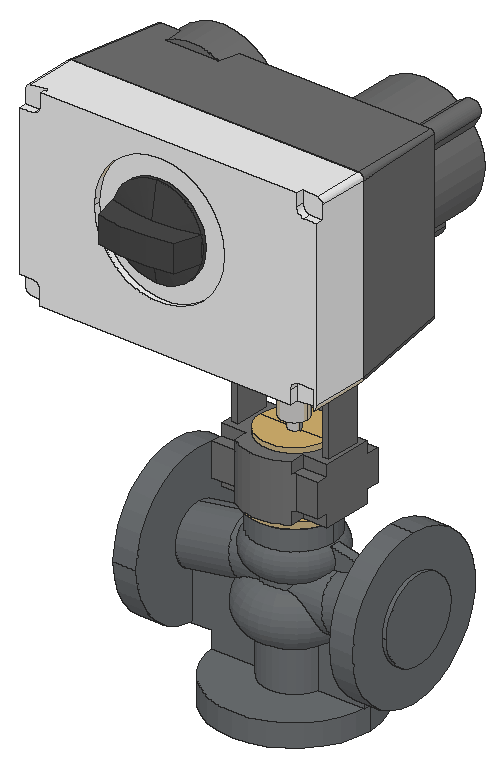
Revit family "VL3_DN15-DN100_AMV(E) 438 SU_RFA_1", category Pipe Accessories, Revit 2019
Family settings
  Round Connector Dimension = Use Diameter
  Part Type = Valve - Breaks Into
  OmniClass Number = 23.65.55.14.17
  OmniClass Title = Adjusting/Controlling Valves for Liquid Services
  Work Plane-Based = No
  Always vertical = Yes
  Cut with Voids When Loaded = No
  Shared = No
Parameters (values of type "VL3_DN15_Kvs0.63_065Z0351")
  W = if(D > 32 mm, D_Flange, 137.6 mm)  # 137.6 mm
  Voltage = if(Actuator Type = [082H0123], 230 V, 24 V)  # 24 V
  V100_LOD 200 = if(and(LOD 200, D > 80 mm), 1 = 1, 1 = 0)  # no
  Power = if(Actuator Type = [082H0121], 14 VA, 12 VA)  # 12 VA
  Nominal Pressure = "PN 6"  # constant formula
  L_Top = 3 mm
  V_SMALL LOD 200 = if(and(LOD 200, D < 100 mm), 1 = 1, 1 = 0)  # no
  LV2 = 8.5 mm
  LV1 = 40 mm
  LE_100 = 30 mm
  L_EXT = 80 mm
  L = L2 * 2  # 130 mm
  HR = 27 mm
  Weight = 1.93 kg
  W2 = 16 mm
  Valve Body Material = Danfoss Grey Iron
  V_SMALL = if(and(LOD 350, D < 100 mm), 1 = 1, 1 = 0)  # yes
  V100 = if(and(LOD 350, D > 80 mm), 1 = 1, 1 = 0)  # no
  URL = "https://store.danfoss.com/en/Climate-Solutions-for-heating/Motorised-Control-Valves-/Globe-Valves/Valves-for-Heating-and-Cooling/c/4105?q=%3Arelevance%3Adanfoss_a50461501115_fts%3ATA1_1501116%3Adanfoss_a1015338478.nominal%3A15.0%3Adanfoss_a1015338478.nominal%3A20.0%3Adanfoss_a1015338478.nominal%3A25.0%3Adanfoss_a1015338478.nominal%3A32.0%3Adanfoss_a1015338478.nominal%3A40.0%3Adanfoss_a1015338478.nominal%3A65.0%3Adanfoss_a1015338478.nominal%3A80.0%3Adanfoss_a1015338478.nominal%3A100.0%3Adanfoss_producttypehierarchydesc%3A54c7635ff281d3845777d277c0688f3bbedce013&page=0&pageSize=20"
  Stroke = "10 mm"
  R_arc = 30 mm
  R_Top = 12.5 mm
  R3_2 = 21.5 mm
  R3 = 19 mm
  R_Flow Pipe = 15 mm
  R_Flange Bottom = 40 mm
  R2_Revolve = 6 mm
  R1_Revolve = 9 mm
  R1_2 = 12.5 mm
  R1_1_1 = 15.5 mm
  R1_1 = 16 mm
  R1 = 20.5 mm
  Pressure Drop [instance] = 0.0 bar
  Offset Flow Pipe_1 = 5 mm
  Offset Flow Pipe_2 = 5 mm
  Model Type = "VL3_DN15_Kvs0.63"
  Model = "065Z0351"
  Min Medium Temperature = "2 °C"  # constant formula
  Max Medium Temperature = "120 °C"  # constant formula
  Manufacturer = "Danfoss"  # constant formula
  L_S = 48 mm
  LOD 350 = not(LOD 200)  # yes
  LOD 200 = no
  L2 = 65 mm
  Kvs = 0.63 m³/h
  IfcExportType = "VL3"  # constant formula
  IfcExportAs = "IfcValveType"  # constant formula
  HR1 = 23 mm
  TH1 = HH1 + 10 mm  # 95 mm
  HH1 = 85 mm
  HE_100 = 0 mm
  HE1_100 = 3 mm
  HE1 = 54 mm
  HE = 0 mm
  HB3 = 2.5 mm
  HB2__ve = -HB2  # -8.5 mm
  HB2 = 8.5 mm
  HB1__ve = -HB1  # -30 mm
  HB1 = 30 mm
  H1 = 31 mm
  H [instance] = 278.7 mm
  Flow [instance] = 0.0 m³/h
  Flange Bottom Depth = 12 mm
  EXT3 = 20 mm
  D_Connection End = 42 mm
  D_Flange = 80 mm
  Extrusion Top 2 = 5 mm
  Extrusion Top = 21 mm
  Extrusion Bottom = 48.5 mm
  EXT2 = -50 mm
  Description = "Motorized Control Valve"  # constant formula
  R_Vertical Body = 16 mm
  DN15 to DN50 = if(and(D > 10 mm, D < 65 mm), 1 = 1, 1 = 0)  # yes
  D = 15 mm
  Connection = "Flange"  # constant formula
  L1_ve = -L1  # -2.5 mm
  Depth_Flange_ve = -Depth_Flange  # -12 mm
  Depth_Flange = 12 mm
  L1 = 2.5 mm
  HH2 = 63 mm
  Arc_100 = 10 mm
  Adapter assembly = 1.5 mm
  Adapter Type = Adapter_AMV(E)_RFA : Adapter_AMV(E) 15(25)(35)_DN15-50_065Z0311
  Actuator Type = AMV(E) 438 SU_RFA : AMV 438 SU_24V_082H0122
  A2_Flow Pipe = 166.00°
  A2 = 47.1206°
  A3 = 13.00°
  A1_Flow Pipe = 170.00°
  A1 = 3 mm
  082H0123 = AMV(E) 438 SU_RFA : AMV 438 SU_230V_082H0123
  082H0121 = AMV(E) 438 SU_RFA : AME 438 SU_24V_082H0121
Reference planes
  plane 1 "Center (Front/Back)": y = 0
  plane 2 "XYPLANE": z = 0
  plane 3 "Center (Left/Right)": x = 0
  plane 4 "110": z = -30
  plane 5 "109": z = -63
  plane 6 "108": x = -62.5
  plane 7 "107": x = 65
  plane 8 "106": x = -65
  plane 9 "105": y = 0
  plane 10 "104": z = 0
  plane 11 "103": x = 0
  plane 12 "101": z = 85
  plane 13 "1": x = 62.5
  plane 14 "X1": z = 31
  plane 15 "X2": z = 31
  plane 16 "3": z = 54
  plane 17 "4": z = -60.5
  plane 18: z = 81.5
  plane 19: z = 79.5
  plane 20: x = 3
  plane 21: z = -48.5
  plane 22: z = -45.5
  plane 23: z = 21
  plane 24 "y1": x = 17.5
  plane 25: z = 5
  plane 26: x = 48
  plane 27: x = -16
  plane 28: x = -17.5
  plane 29: x = 15
  plane 30: x = -15
  plane 31: x = -55
  plane 32: x = 55
  plane 33: y = -15
  plane 34: y = 15
  plane 35: y = 55
  plane 36: y = -55
  plane 37: x = -40
  plane 38: x = 40
  plane 39: z = -40
  plane 40: y = 40
  plane 41: y = -40
  plane 42: z = 32.5
Forms (mm)
  Extrusion 1, solid, material "Danfoss Grey Iron" <- "Valve Body Material", detail levels fine
    sketch origin (0, 0, 0) x (1, 0, 0) y (0, 1, 0)
      loop
        circle (0, 0) r 16
    from -22.1 to -50 <- "EXT2"
  Extrusion 2, solid, material "Danfoss Grey Iron" <- "Valve Body Material", detail levels fine
    sketch origin (-65, -750, 0) x (0, 1, 0) y (0, 0, 1)
      loop
        circle (750, 0) r 21
    from 0 to 2.5 <- "L1"
  Extrusion 3, solid, material "Danfoss Grey Iron" <- "Valve Body Material", detail levels fine
    sketch origin (65, -750, 0) x (0, 1, 0) y (0, 0, 1)
      loop
        circle (750, 0) r 21
    from 0 to -2.5 <- "L1_ve"
  Extrusion 4, solid, material "Danfoss Grey Iron" <- "Valve Body Material", visible <- "V_SMALL", detail levels fine
    sketch origin (0, 0, 0) x (1, 0, 0) y (0, 1, 0)
      loop
        circle (0, 0) r 20.5
      loop
        circle (0, 0) r 16
    from 20 <- "EXT3" to 31 <- "H1"
  Extrusion 5, solid, not visible
    sketch origin (-750, 0, -63) x (1, 0, 0) y (0, 1, 0)
      loop
        circle (750, 0) r 10
    from 0 to 10
  Extrusion 6, solid, not visible
    sketch origin (65, -750, 0) x (0, 1, 0) y (0, 0, 1)
      loop
        circle (750, 0) r 10
    from 0 to -10
  Extrusion 7, solid, not visible
    sketch origin (-65, -750, 0) x (0, 1, 0) y (0, 0, 1)
      loop
        circle (750, 0) r 10
    from 0 to 10
  Extrusion 8, solid, material "Danfoss Grey Iron" <- "Valve Body Material", detail levels fine
    sketch origin (-62.5, -750, 0) x (0, 1, 0) y (0, 0, 1)
      loop
        circle (750, 0) r 40
    from 0 to 12 <- "Depth_Flange"
  Extrusion 9, solid, material "Danfoss Grey Iron" <- "Valve Body Material", detail levels fine
    sketch origin (62.5, 0, 0) x (0, 0, 1) y (0, -1, 0)
      loop
        circle (0, 0) r 40
    from 0 to -12 <- "Depth_Flange_ve"
  Extrusion 10, solid, material "Danfoss Brass", visible <- "LOD 350", detail levels fine
    sketch origin (0, 0, 84) x (-1, 0, 0) y (0, -1, 0)
      loop
        circle (0, 0) r 12.5
    from -63 to -53
  Extrusion 11, solid, material "Danfoss Brass", visible <- "LOD 350", detail levels fine
    sketch origin (0, 0, 31) x (-1, 0, 0) y (0, -1, 0)
      loop
        circle (0, 0) r 15.5
    from 0 to -10
  Extrusion 12, solid, material "Danfoss Grey Iron" <- "Valve Body Material", visible <- "LOD 350", detail levels fine
    sketch origin (0, 0, 0) x (1, 0, 0) y (0, 0, 1)
      loop
        line (-50.5, -45.5) -> (-47.714, -48.5) -> (47.714, -48.5) -> (50.5, -45.5) -> (50.5, 0) -> (-50.5, 0) -> (-50.5, -45.5)
    from -4 to 4
  Extrusion 13, solid, material "Danfoss Grey Iron" <- "Valve Body Material", detail levels fine
    sketch origin (0, 0, -60.5) x (-1, 0, 0) y (0, -1, 0)
      loop
        circle (0, 0) r 40
    from 0 to 12 <- "Flange Bottom Depth"
  Revolve 14, solid, material "Danfoss Grey Iron" <- "Valve Body Material", visible <- "V_SMALL LOD 200", detail levels fine
    sketch origin (0, 0, 0) x (1, 0, 0) y (0, 0, 1)
      loop
        line (0, 30) -> (0, -30)
        arc (0, -30) -> (21.213, -21.213) -> (30, 0) r 30
        arc (30, 0) -> (21.213, 21.213) -> (0, 30) r 30
      axis (0, 30) -> (0, -30)
    angle from 0 to 360
  Revolve 15, solid, material "Danfoss Stainless Steel AISI 304 / AISI 316L", detail levels fine
    sketch origin (0, 0, 0) x (1, 0, 0) y (0, 0, 1)
      loop
        line (0, 54) -> (3, 54) -> (3, 79.5) -> (2, 79.5) -> (2, 81.5) -> (3, 81.5) -> (3, 82.495) -> (1.246, 85) -> (0, 85) -> (0, 54)
      axis (0, 85) -> (0, 54)
    angle from 0 to 360
  Blend 16, solid, material "Danfoss Grey Iron" <- "Valve Body Material", detail levels fine
    base sketch origin (-750, 0, -63) x (1, 0, 0) y (0, 1, 0)
      loop
        circle (750, 0) r 19
    top sketch origin (-750, 0, -63) x (1, 0, 0) y (0, 1, 0)
      loop
        circle (750, 0) r 21.5
    from 0 to 2.5 <- "HB3"
  Sweep 17, solid, material "Danfoss Grey Iron" <- "Valve Body Material", detail levels fine
    path origin (0, 0, 0) x (1, 0, 0) y (0, 0, 1)
      loop
        line (-65, 0) -> (-50.5, 0) -> (-22.144, 5) -> (0, 5)
    profile origin (-57.75, 0, 0) x (0, 0, 1) y (0, -1, 0)
      loop
        circle (0, 0) r 15
  Sweep 18, solid, material "Danfoss Grey Iron" <- "Valve Body Material", detail levels fine
    path origin (0, 0, 0) x (1, 0, 0) y (0, 0, 1)
      loop
        line (64.52, 0) -> (46.406, 0) -> (26.352, -5) -> (0, -5)
    profile origin (55.463, 0, 0) x (0, 0, -1) y (0, -1, 0)
      loop
        circle (0, 0) r 15
  Extrusion 19, solid, material "Danfoss Brass", visible <- "LOD 350", detail levels fine
    sketch origin (0, 0, 31) x (-1, 0, 0) y (0, -1, 0)
      loop
        circle (0, 0) r 12.5
    from 0 to 23
  Extrusion 20, solid, material "Danfoss Grey Iron" <- "Valve Body Material", visible <- "LOD 350", detail levels fine
    sketch origin (0, 0, 0) x (1, 0, 0) y (0, 0, 1)
      loop
        line (17.5, 5) -> (50.5, 5) -> (50.5, 13.381) -> (17.5, 21) -> (17.5, 5)
    from -2.5 to 2.5
  Extrusion 21, solid, material "Danfoss Brass", visible <- "LOD 200", detail levels fine
    sketch origin (0, 0, 31) x (-1, 0, 0) y (0, -1, 0)
      loop
        circle (0, 0) r 12.5
    from 0 to 23
  Extrusion 22, solid, material "Danfoss Grey Iron" <- "Valve Body Material", visible <- "LOD 200", detail levels fine
    sketch origin (0, 0, 0) x (1, 0, 0) y (0, 1, 0)
      loop
        circle (0, 0) r 20.5
    from 0 to 31
  Revolve 23, solid, material "Danfoss Grey Iron" <- "Valve Body Material", visible <- "V_SMALL", detail levels fine
    sketch origin (0, 0, 0) x (1, 0, 0) y (0, 0, 1)
      loop
        line (0, -27) -> (0, 23) -> (-17.5, 23)
        arc (-17.5, 23) -> (-23.469, 12.664) -> (-16, 3.354) r 10.57
        line (-16, 3.354) -> (-16, 0)
        arc (-16, 0) -> (-26.5, -13.5) -> (-16, -27) r 13.929
        line (-16, -27) -> (0, -27)
      axis (0, 23) -> (0, -27)
    angle from 0 to 360
  Extrusion 24, solid, material "Danfoss Grey Iron" <- "Valve Body Material", visible <- "V100", detail levels fine
    sketch origin (0, 0, 0) x (1, 0, 0) y (0, 1, 0)
      loop
        arc (-5, 15) -> (-12.071, 12.071) -> (-15, 5) r 10
        line (-15, 5) -> (-15, -5)
        arc (-15, -5) -> (-12.071, -12.071) -> (-5, -15) r 10
        line (-5, -15) -> (55, -15)
        arc (55, -15) -> (62.071, -12.071) -> (65, -5) r 10
        line (65, -5) -> (65, 5)
        arc (65, 5) -> (62.071, 12.071) -> (55, 15) r 10
        line (55, 15) -> (-5, 15)
    from 0 <- "HE_100" to 3 <- "HE1_100"
  Extrusion 25, void
    sketch origin (0, 0, 0) x (1, 0, 0) y (0, 0, 1)
      loop
        line (-90, -40) -> (-90, -60.5) -> (-40, -60.5) -> (-40, -40) -> (-90, -40)
    from -80 to 91
  Extrusion 26, void
    sketch origin (0, 0, 0) x (1, 0, 0) y (0, 0, 1)
      loop
        line (40, -40) -> (40, -60.5) -> (90, -60.5) -> (90, -40) -> (40, -40)
    from -80 to 91
  Extrusion 27, solid, material "Danfoss Grey Iron" <- "Valve Body Material", visible <- "V100_LOD 200", detail levels fine
    sketch origin (0, 0, 0) x (1, 0, 0) y (0, 1, 0)
      loop
        line (-15, 15) -> (-15, -15) -> (15, -15) -> (15, 15) -> (-15, 15)
    from 0 <- "HE_100" to 3 <- "HE1_100"
Cuts and joins
  Extrusion 25, Extrusion 26 cuts Extrusion 12
Lines and regions (mm)
  reference lines, not visible
    curve 1: circle (2, 2, 0) r 1 normal (0, 0, 1)
Dimensions and locks
  plane 1 "Center (Front/Back)" to curve 1 = 2 mm
  "HB1": plane 2 "XYPLANE" to plane 4 "110"
  "HH2": plane 2 "XYPLANE" to plane 5 "109"
  "L1": plane 8 "106" to plane 6 "108"
  "L2": plane 3 "Center (Left/Right)" to plane 7 "107"
  "L2": plane 3 "Center (Left/Right)" to plane 8 "106"
  locked: plane 1 "Center (Front/Back)" to plane 9 "105"
  locked: plane 2 "XYPLANE" to plane 10 "104"
  locked: plane 3 "Center (Left/Right)" to plane 11 "103"
  "L1": plane 13 "1" to plane 7 "107"
  "H1": plane 14 "X1" to level
  "HE": plane 15 "X2" to plane 14 "X1"
  "HH1": plane 12 "101" to level
  "HE1": plane 16 "3" to level
  plane 18 to plane 19 = 2 mm
  plane 12 "101" to plane 18 = 3.5 mm
  plane 20 to plane 11 "103" = 3 mm
  Revolve 15 sketch curve to Revolve 15 sketch curve = 1 mm  (x2)
  Revolve 15 sketch curve to Revolve 15 sketch curve = 0.995 mm
  "HB3": plane 17 "4" to plane 5 "109"
  "Offset Flow Pipe_1": Sweep 17 sketch curve to Sweep 17 sketch curve
  plane 7 "107" to plane 8 "106" = 130 mm
  "Extrusion Bottom": level to plane 21
  "A1": plane 22 to plane 21
  Extrusion 12 sketch curve to plane 21 = 0 mm  (x2)
  Extrusion 12 sketch curve to plane 22 = 0 mm
  "Offset Flow Pipe_2": Extrusion 12 to Sweep 18 sketch curve
  Sweep 18 sketch curve to Sweep 18 sketch curve = 26.352 mm
  "Extrusion Top": plane 23 to level
  "Extrusion Top 2": plane 25 to level
  Extrusion 20 sketch curve to plane 23 = 0 mm
  "L_S": plane 26 to plane 3 "Center (Left/Right)"
  "W2": plane 3 "Center (Left/Right)" to plane 27
  Revolve 23 sketch curve to Revolve 23 sketch curve = 3.354 mm
  "R1_Revolve": plane 28 to Revolve 23 sketch curve
  "R2_Revolve": plane 28 to Revolve 23 sketch curve
  "HR": level to Revolve 23 sketch curve
  "HR1": Revolve 23 sketch curve to level
  "L_Top": plane 20 to plane 11 "103"
  "LE_100": plane 30 to plane 29
  equal spacing: plane 30, plane 11 "103", plane 29
  "LE_100": plane 33 to plane 34
  equal spacing: plane 33, plane 9 "105", plane 34
  "L_EXT": plane 24 "y1" to plane 6 "108"
  "H": nested 2 to plane 5 "109"
  "LV1": plane 3 "Center (Left/Right)" to plane 37
  "LV1": plane 38 to plane 3 "Center (Left/Right)"
  "LV2": plane 39 to plane 21
  Extrusion 25 sketch curve to Extrusion 25 sketch curve = 50 mm
  Extrusion 26 sketch curve to Extrusion 26 sketch curve = 50 mm
  "LE_100": Extrusion 27 sketch curve to Extrusion 27 sketch curve  (x2)
  equal spacing: Extrusion 27 sketch curve, plane 11 "103", Extrusion 27 sketch curve
  equal spacing: Extrusion 27 sketch curve, plane 9 "105", Extrusion 27 sketch curve
  equal spacing: plane 40, plane 1 "Center (Front/Back)", plane 41
  "D_Flange": plane 40 to plane 41
  "Adapter assembly": plane 42 to plane 15 "X2"
  locked: nested 2 to plane 42 at 3.2
  "R_Vertical Body": radius of Extrusion 1 sketch curve
  "D_Connection End": diameter of Extrusion 2 sketch curve
  "D_Connection End": diameter of Extrusion 3 sketch curve
  "R1": radius of Extrusion 4 sketch curve
  "D_Flange": diameter of Extrusion 8 sketch curve
  "R1_1": radius of Extrusion 4 sketch curve
  "R1_2": radius of Extrusion 10 sketch curve
  "R1_1_1": radius of Extrusion 11 sketch curve
  "R_Flange Bottom": radius of Extrusion 13 sketch curve
  "R_arc": radius of Revolve 14 sketch curve  (x2)
  "R3": radius of Blend 16 sketch curve
  "R3_2": radius of Blend 16 sketch curve
  "D_Flange": diameter of Extrusion 9 sketch curve
  "R_Flow Pipe": radius of Sweep 17 sketch curve
  "R_Flow Pipe": radius of Sweep 18 sketch curve
  "R_Top": radius of Extrusion 19 sketch curve
  "R_Top": radius of Extrusion 21 sketch curve
  "R1": radius of Extrusion 22 sketch curve
  "Arc_100": radius of Extrusion 24 sketch curve  (x4)
  "A1_Flow Pipe": angle Sweep 17 sketch curve to level
  "A3": angle Extrusion 20 sketch curve to plane 23
  "A2": angle Extrusion 12 sketch curve to plane 21
  "A2": angle plane 21 to Extrusion 12 sketch curve
  "A2_Flow Pipe": angle Sweep 18 sketch curve to level
  aligned and locked: level to plane 2 "XYPLANE"
  aligned and locked: plane 9 "105" to Extrusion 1 sketch curve
  aligned and locked: plane 11 "103" to Extrusion 1 sketch curve
  aligned and locked: Extrusion 2 sketch curve to plane 9 "105"
  aligned and locked: plane 10 "104" to Extrusion 2 sketch curve
  aligned and locked: Extrusion 3 sketch curve to plane 9 "105"
  aligned and locked: plane 10 "104" to Extrusion 3 sketch curve
  aligned and locked: plane 9 "105" to Extrusion 4 sketch curve
  aligned and locked: plane 11 "103" to Extrusion 4 sketch curve
  aligned and locked: plane 9 "105" to Extrusion 5 sketch curve
  aligned and locked: plane 11 "103" to Extrusion 5 sketch curve
  aligned and locked: Extrusion 6 sketch curve to plane 9 "105"
  aligned and locked: plane 10 "104" to Extrusion 6 sketch curve
  aligned and locked: Extrusion 7 sketch curve to plane 9 "105"
  aligned and locked: plane 10 "104" to Extrusion 7 sketch curve
  aligned and locked: plane 1 "Center (Front/Back)" to Extrusion 8 sketch curve
  aligned and locked: plane 1 "Center (Front/Back)" to Extrusion 9 sketch curve
  aligned and locked: plane 3 "Center (Left/Right)" to Extrusion 10 sketch curve
  aligned and locked: Extrusion 12 sketch curve to Extrusion 8
  aligned and locked: Extrusion 9 to Extrusion 12 sketch curve
  aligned and locked: Extrusion 12 sketch curve to level
  aligned and locked: plane 3 "Center (Left/Right)" to Extrusion 13 sketch curve
  aligned and locked: Revolve 14 sketch curve to plane 3 "Center (Left/Right)"
  aligned and locked: level to Revolve 14 sketch curve
  aligned and locked: Revolve 14 sketch curve to Revolve 14 sketch curve
  aligned and locked: Revolve 15 sketch curve to plane 16 "3"
  aligned and locked: Revolve 15 sketch curve to plane 11 "103"
  aligned and locked: Revolve 15 sketch curve to plane 20
  aligned and locked: Revolve 15 sketch curve to plane 19
  aligned and locked: Revolve 15 sketch curve to plane 12 "101"
  aligned and locked: plane 18 to Revolve 15 sketch curve
  aligned and locked: plane 16 "3" to Revolve 15 sketch curve
  aligned and locked: plane 12 "101" to Revolve 15 sketch curve
  aligned and locked: plane 3 "Center (Left/Right)" to Blend 16 sketch curve  (x2)
  aligned and locked: Sweep 17 sketch curve to plane 8 "106"
  aligned and locked: plane 1 "Center (Front/Back)" to Sweep 17 sketch curve
  aligned and locked: Sweep 17 sketch curve to plane 2 "XYPLANE"
  aligned and locked: Extrusion 8 to Sweep 17 sketch curve
  aligned and locked: plane 1 "Center (Front/Back)" to Sweep 18 sketch curve
  aligned and locked: plane 3 "Center (Left/Right)" to Sweep 17 sketch curve
  aligned and locked: plane 3 "Center (Left/Right)" to Sweep 18 sketch curve
  aligned and locked: plane 25 to Extrusion 20 sketch curve
  aligned and locked: plane 24 "y1" to Extrusion 20 sketch curve
  aligned and locked: Extrusion 9 to Extrusion 20 sketch curve
  aligned and locked: Extrusion 12 sketch curve to plane 21
  aligned and locked: plane 22 to Extrusion 12 sketch curve
  aligned and locked: plane 16 "3" to Extrusion 21
  aligned and locked: plane 15 "X2" to Extrusion 22
  aligned and locked: Extrusion 11 to plane 23
  aligned and locked: plane 28 to Revolve 23 sketch curve
  aligned and locked: Revolve 23 sketch curve to plane 27
  aligned and locked: plane 3 "Center (Left/Right)" to Revolve 23 sketch curve
  aligned and locked: level to Revolve 23 sketch curve
  aligned and locked: Extrusion 4 to Revolve 23 sketch curve
  aligned and locked: Revolve 23 sketch curve to plane 11 "103"
  aligned and locked: level to Sweep 18 sketch curve
  aligned and locked: plane 34 to Extrusion 24 sketch curve
  aligned and locked: Extrusion 24 sketch curve to plane 33
  aligned and locked: plane 30 to Extrusion 24 sketch curve
  aligned and locked: plane 3 "Center (Left/Right)" to nested 1
  aligned and locked: plane 16 "3" to Extrusion 19
  aligned and locked: Extrusion 25 sketch curve to plane 39
  aligned and locked: Extrusion 25 sketch curve to plane 37
  aligned and locked: Extrusion 25 sketch curve to plane 17 "4"
  aligned and locked: plane 15 "X2" to Extrusion 10
  aligned and locked: Extrusion 26 sketch curve to plane 39
  aligned and locked: Extrusion 26 sketch curve to plane 38
  aligned and locked: Extrusion 26 sketch curve to plane 17 "4"
  aligned and locked: Extrusion 10 to plane 23
  aligned and locked: nested 3 to plane 9 "105"
  aligned and locked: nested 2 to plane 9 "105"
  aligned and locked: plane 11 "103" to nested 3
  aligned and locked: nested 3 to plane 42
  aligned and locked: plane 11 "103" to nested 2
Automatic sketch dimensions
  plane 3 "Center (Left/Right)" to curve 1 = 2 mm
  plane 1 "Center (Front/Back)" to Extrusion 5 sketch curve = 10 mm
  plane 1 "Center (Front/Back)" to Extrusion 6 sketch curve = 10 mm
  plane 1 "Center (Front/Back)" to Extrusion 7 sketch curve = 10 mm
  Extrusion 4 sketch curve to Extrusion 4 sketch curve = 0 mm  (x2)
  Extrusion 8 sketch curve to level = 0 mm
  Extrusion 9 sketch curve to level = 0 mm
  plane 1 "Center (Front/Back)" to Extrusion 10 sketch curve = 0 mm
  plane 1 "Center (Front/Back)" to Extrusion 11 sketch curve = 0 mm
  Extrusion 11 sketch curve to plane 3 "Center (Left/Right)" = 0 mm
  plane 1 "Center (Front/Back)" to Extrusion 13 sketch curve = 0 mm
  Revolve 14 sketch curve to plane 4 "110" = 0 mm
  Revolve 14 sketch curve to plane 14 "X1" = 0 mm
  Revolve 15 sketch curve to plane 3 "Center (Left/Right)" = 0 mm
  plane 3 "Center (Left/Right)" to Revolve 15 sketch curve = 1.246 mm
  plane 1 "Center (Front/Back)" to Blend 16 sketch curve = 0 mm  (x2)
  profile plane to Sweep 17 sketch curve = 0 mm
  Sweep 18 sketch curve to plane 7 "107" = 0.48 mm
  Sweep 18 sketch curve to profile plane = 0 mm
  plane 1 "Center (Front/Back)" to Extrusion 19 sketch curve = 0 mm
  Extrusion 19 sketch curve to plane 3 "Center (Left/Right)" = 0 mm
  plane 1 "Center (Front/Back)" to Extrusion 21 sketch curve = 0 mm
  Extrusion 21 sketch curve to plane 3 "Center (Left/Right)" = 0 mm
  plane 1 "Center (Front/Back)" to Extrusion 22 sketch curve = 0 mm
  Extrusion 22 sketch curve to plane 3 "Center (Left/Right)" = 0 mm
  Revolve 23 sketch curve to plane 27 = 0 mm
  plane 39 to Revolve 23 sketch curve = 0.043 mm
  Extrusion 24 sketch curve to plane 32 = 0 mm
  radius of curve 1 = 1 mm
Nested families
  nested 1: "Schematic_3-Way Valve_Flange" at (0, 0, 0), type "Schematic_3-Way Valve_Flange", detail levels coarse+medium
    with L_1 43.333 mm, L1 8.125 mm, L 130 mm, H1 63 mm, H 85 mm, D1 40 mm
  nested 2: "AMV(E) 438 SU_RFA" at (0, 0, 35.7), LOD 200 <- "LOD 200", type <- "Actuator Type", Voltage <- "Voltage", Power <- "Power", visible <- "DN15 to DN50", type "AMV 438 SU_24V_082H0122", detail levels fine
    with Voltage 24 V, Power 12 VA, LOD 350 yes, LOD 200 no
  nested 3: "Adapter_AMV(E)_RFA" at (0, 0, 32.5), type <- "Adapter Type", visible <- "DN15 to DN50", type "Adapter_AMV(E) 15(25)(35)_DN15-50_065Z0311", detail levels fine
Connectors
  piping at (-65, 0, 0), diameter 15, driven by "D", driven by "Flow"
    settings: on Extrusion 7, index 1, connector inside diameter 609.6 mm, connector length 0 mm, flow factor 0, pipe flow 0.0 m³/h, pressure drop 0.0 bar, fitting loss kfactor 0, connector angle 0.00°, fixture units 0, engagement length 0 mm, angle of deflection 0.00°, flow configuration 0, flow direction 0, fitting loss method 0, system type 29, joint type 0, gender type 0, connector reference index 2, connector utility 0, adjustable connector no, is connector primary yes, connector description ""
  piping at (65, 0, 0), diameter 15, driven by "D", driven by "Flow"
    settings: on Extrusion 6, index 2, connector inside diameter 609.6 mm, connector length 0 mm, flow factor 0, pipe flow 0.0 m³/h, pressure drop 0.0 bar, fitting loss kfactor 0, connector angle 0.00°, fixture units 0, engagement length 0 mm, angle of deflection 0.00°, flow configuration 0, flow direction 0, fitting loss method 0, system type 29, joint type 0, gender type 0, connector reference index 1, connector utility 0, adjustable connector no, is connector primary no, connector description ""
  piping at (0, 0, -63), diameter 15, driven by "D", driven by "Flow"
    settings: on Extrusion 5, index 3, connector inside diameter 609.6 mm, connector length 0 mm, flow factor 0, pipe flow 0.0 m³/h, pressure drop 0.0 bar, fitting loss kfactor 0, connector angle 0.00°, fixture units 0, engagement length 0 mm, angle of deflection 0.00°, flow configuration 0, flow direction 0, fitting loss method 0, system type 29, joint type 0, gender type 0, connector reference index -1, connector utility 0, adjustable connector no, is connector primary no, connector description ""
  electrical at (0, 0, 0), driven by "Voltage", driven by "Power"
    settings: index 22, voltage 24 V, apparent load 0 VA, apparent load phase1 12 VA, apparent load phase2 0 VA, apparent load phase3 0 VA, power factor 0.95, load classification "HVAC", number of poles 1, system type 31, power factor state 1, is connector primary yes, connector utility no, sub classification motor no, connector description ""
Definition of nested family "AMV(E) 438 SU_RFA"
  Parameters (values of type "AME 438 SU_24V_082H0121")
    Weight = 2.30 kg  # constant formula
    W [instance] = 137.6 mm
    Voltage [instance] = 24 V
    URL = "https://store.danfoss.com/en/Climate-Solutions-for-heating/Motorised-Control-Valves/Actuators-for-Globe-Valves/Actuators-With-Safety-Function/c/4110?q=%3Arelevance%3Adanfoss_producttypehierarchydesc%3AAME+438+SU%3Adanfoss_producttypehierarchydesc%3AAMV+438+SU&text="
    Speed = "15 s/mm"  # constant formula
    Safety Function = "Spring Up"  # constant formula
    Power Supply = "24 V"
    Power Consumption = "14 W"
    Power [instance] = 14 VA
    Output Signal = "0-10 V"
    Model Type = "AME 438 SU_24V"
    Model = "082H0121"
    Min Ambient Temperature = "0 °C"  # constant formula
    Max Stroke = 15 mm  # constant formula
    Max Medium Temperature = "150 °C"  # constant formula
    Max Ambient Temperature = "55 °C"  # constant formula
    Manufacturer = "Danfoss"  # constant formula
    LOD 350 [instance] = not(LOD 200)  # yes
    LOD 200 [instance] = no
    L [instance] = 155 mm
    IfcExportType = "AME 438 SU"
    IfcExportAs = "IfcActuatorType"  # constant formula
    H [instance] = 180 mm
    Description = "Gear Actuator"  # constant formula
    Control Input Signal = "0-10 V / 0-20 mA"
    Closing Force = "450 N"  # constant formula
    Body Material = none
  Types (4, lengths in mm): name | Voltage | Power Supply | Power Consumption | Power | Output Signal | Model Type | Model | IfcExportType | Control Input Signal
    (no name) | 24 V | "24 V" | "14 W" | 14 VA | "0-10 V" | "AME 438 SU_24V" | "082H0121" | "AME 438 SU" | "0-10 V / 0-20 mA"
    AMV 438 SU_24V_082H0122 | 24 V | "24 V" | "12 W" | 12 VA | "End-position feedback" | "AMV 438 SU_24V" | "082H0122" | "AMV 438 SU" | "3-point"
    AME 438 SU_24V_082H0121 | 24 V | "24 V" | "14 W" | 14 VA | "0-10 V" | "AME 438 SU_24V" | "082H0121" | "AME 438 SU" | "0-10 V / 0-20 mA"
    AMV 438 SU_230V_082H0123 | 230 V | "230 V" | "12 W" | 12 VA | "End-position feedback" | "AMV 438 SU_230V" | "082H0123" | "AMV 438 SU" | "3-point"
  Reference planes
    plane 1 "Center (Front/Back)": y = 0
    plane 2: z = 0
    plane 3 "Center (Left/Right)": x = 0
    plane 4: z = 180
    plane 5: x = 28
    plane 6 "1": x = -28
    plane 7: x = 51
    plane 8: x = -104
    plane 9: z = 74
    plane 10: z = 29.5
    plane 11: y = 71.5
    plane 12: y = -66.1
    plane 13: y = -54
    plane 14: y = 34
    plane 15: y = 23
    plane 16: y = -23
    plane 17: x = 22
    plane 18: x = -22
    plane 19: x = 46
    plane 20: x = -99
    plane 21: z = 79
    plane 22: z = 175
    plane 23: z = 176
    plane 24: z = 78
    plane 25: y = -49
    plane 26: z = 173.2
    plane 27: z = 80.8
    plane 28: z = 134.5
    plane 29 "2": x = -31
    plane 30: x = -97
    plane 31: x = 44
    plane 32: x = -71.6
    plane 33: x = 11
    plane 34: y = -18.5
  Forms (mm)
    Extrusion 1, solid, material <- "Body Material", visible <- "LOD 350", detail levels fine
      sketch origin (0, 0, 0) x (1, 0, 0) y (0, 1, 0)
        loop
          arc (-16.248, -19) -> (0, -25) -> (16.248, -19) r 25
          line (16.248, -19) -> (27.62, -19) -> (27.62, 20) -> (15, 20)
          arc (15, 20) -> (0, 25) -> (-15, 20) r 25
          line (-15, 20) -> (-27.62, 20) -> (-27.62, -19) -> (-16.248, -19)
      from 0 to 29.5
    Extrusion 2, solid, material <- "Body Material", visible <- "LOD 350", detail levels fine
      sketch origin (0, 0, 0) x (1, 0, 0) y (0, 0, 1)
        loop
          line (22, 66.67) -> (22, 29.5) -> (25.4, 29.5) -> (25.4, 66.67) -> (22, 66.67)
      from -9 to 9
    Extrusion 3, solid, material <- "Body Material", visible <- "LOD 350", detail levels fine
      sketch origin (0, 0, 0) x (-1, 0, 0) y (0, 0, -1)
        loop
          line (22, -66.67) -> (25.4, -66.67) -> (25.4, -29.5) -> (22, -29.5) -> (22, -66.67)
      from -9 to 9
    Blend 4, solid, visible <- "LOD 350", detail levels fine
      base sketch origin (0, 0, 0) x (1, 0, 0) y (0, 0, 1)
        loop
          line (51, 80.879) -> (51, 173.2)
          arc (51, 173.2) -> (50.295, 175.174) -> (48.5, 176.255) r 3.117
          arc (48.5, 176.255) -> (-26.5, 180.013) -> (-101.5, 176.255) r 750.263
          arc (-101.5, 176.255) -> (-103.295, 175.174) -> (-104, 173.2) r 3.117
          line (-104, 173.2) -> (-104, 80.8)
          arc (-104, 80.8) -> (-103.295, 78.826) -> (-101.5, 77.745) r 3.117
          arc (-101.5, 77.745) -> (-26.535, 73.991) -> (48.429, 77.738) r 751.077
          arc (48.429, 77.738) -> (50.275, 78.849) -> (51, 80.879) r 3.204
      top sketch origin (0, 0, 0) x (1, 0, 0) y (0, 0, 1)
        loop
          line (-104, 173.2) -> (-104, 80.8)
          arc (-104, 80.8) -> (-103.295, 78.826) -> (-101.5, 77.745) r 3.117
          arc (-101.5, 77.745) -> (-26.535, 73.991) -> (48.429, 77.738) r 751.077
          arc (48.429, 77.738) -> (50.275, 78.849) -> (51, 80.879) r 3.204
          line (51, 80.879) -> (51, 173.2)
          arc (51, 173.2) -> (50.295, 175.174) -> (48.5, 176.255) r 3.117
          arc (48.5, 176.255) -> (-26.5, 180.013) -> (-101.5, 176.255) r 750.263
          arc (-101.5, 176.255) -> (-103.295, 175.174) -> (-104, 173.2) r 3.117
      from 18.5 to 49
    Revolve 5, solid, visible <- "LOD 350", detail levels fine
      sketch origin (-31, 0, 0) x (0, 0, 1) y (0, -1, 0)
        loop
          line (158.578, 49) -> (158.578, 50.625) -> (140.681, 54) -> (134.5, 54) -> (134.5, 49) -> (158.578, 49)
        axis (134.5, 49) -> (134.5, 54)
      angle from 0 to 360
    Extrusion 6, solid, visible <- "LOD 350", detail levels fine
      sketch origin (0, 4.396, 0) x (1, 0, 0) y (0, 1, 0)
        loop
          arc (-50.517, -68.508) -> (-30.981, -70.634) -> (-11.456, -68.408) r 88.747
          line (-11.456, -68.408) -> (-7.869, -55.021)
          arc (-7.869, -55.021) -> (-31, -58.764) -> (-54.131, -55.021) r 73.346
          line (-54.131, -55.021) -> (-50.517, -68.508)
      from 127.697 to 141.4
    Extrusion 7, void
      sketch origin (0, 0, 0) x (1, 0, 0) y (0, 0, 1)
        loop
          circle (-31, 134.5) r 34.064
      from 46 to 49
    Extrusion 8, void
      sketch origin (0, 0, 0) x (1, 0, 0) y (0, 0, 1)
        loop
          line (-105.641, 75.49) -> (-93.5, 75.49) -> (-93.5, 84.02)
          arc (-93.5, 84.02) -> (-94.489, 86.765) -> (-97, 88.25) r 4.307
          line (-97, 88.25) -> (-105.641, 88.25) -> (-105.641, 75.49)
        loop
          line (49.641, 75.49) -> (49.641, 88.25) -> (41, 88.25)
          arc (41, 88.25) -> (38.489, 86.765) -> (37.5, 84.02) r 4.307
          line (37.5, 84.02) -> (37.5, 75.49) -> (49.641, 75.49)
        loop
          line (-105.328, 179.135) -> (-105.328, 166.375) -> (-96.687, 166.375)
          arc (-96.687, 166.375) -> (-94.176, 167.86) -> (-93.188, 170.605) r 4.307
          line (-93.188, 170.605) -> (-93.188, 179.135) -> (-105.328, 179.135)
        loop
          line (52.766, 179.135) -> (40.625, 179.135) -> (40.625, 170.605)
          arc (40.625, 170.605) -> (41.614, 167.86) -> (44.125, 166.375) r 4.307
          line (44.125, 166.375) -> (52.766, 166.375) -> (52.766, 179.135)
      from 45 to 49
    Extrusion 9, solid, material <- "Body Material", detail levels fine
      sketch origin (0, 0, 0) x (1, 0, 0) y (0, 0, 1)
        loop
          circle (-71.6, 146.308) r 29.997
      from -23 to -43
    Extrusion 10, solid, material <- "Body Material", visible <- "LOD 350", detail levels fine
      sketch origin (0, 0, 0) x (1, 0, 0) y (0, 0, 1)
        loop
          arc (27.837, 163.055) -> (-1.542, 165.346) -> (-19.807, 142.22) r 31.304
          line (-19.807, 142.22) -> (-28.53, 141.451)
          arc (-28.53, 141.451) -> (-31.852, 140.071) -> (-33.778, 137.033) r 5.971
          arc (-33.778, 137.033) -> (-32.981, 132.201) -> (-28.837, 129.59) r 5.971
          line (-28.837, 129.59) -> (-19.332, 128.925)
          arc (-19.332, 128.925) -> (-8.72, 112.353) -> (9.686, 105.389) r 31.304
          line (9.686, 105.389) -> (12.15, 100.104)
          arc (12.15, 100.104) -> (17.501, 97.376) -> (21.546, 101.816) r 4.951
          line (21.546, 101.816) -> (22.032, 107.369)
          arc (22.032, 107.369) -> (40.861, 127.273) -> (36.815, 154.371) r 31.304
          line (36.815, 154.371) -> (39.673, 159.323)
          arc (39.673, 159.323) -> (38.894, 165.242) -> (32.975, 166.021) r 4.904
          line (32.975, 166.021) -> (27.837, 163.055)
      from -71.5 to -34
    Extrusion 11, void
      sketch origin (0, 0, 0) x (1, 0, 0) y (0, 0, 1)
        loop
          line (-31, 6.656) -> (-31, 0) -> (-15, 0) -> (-15, 6.656) -> (-31, 6.656)
        loop
          line (-31, 29.5) -> (-31, 23.7) -> (-14.998, 23.7) -> (-14.998, 29.5) -> (-31, 29.5)
        loop
          line (31, 6.656) -> (15, 6.656) -> (15, 0) -> (31, 0) -> (31, 6.656)
        loop
          line (31, 29.5) -> (14.998, 29.5) -> (14.998, 23.7) -> (31, 23.7) -> (31, 29.5)
      from 13 to 23
    Extrusion 12, void
      sketch origin (0, 0, 20) x (1, 0, 0) y (0, 0, 1)
        loop
          line (-31, -13.344) -> (-31, -20) -> (-15, -20) -> (-15, -13.344) -> (-31, -13.344)
        loop
          line (-31, 9.5) -> (-31, 3.075) -> (-14.998, 3.075) -> (-14.998, 9.5) -> (-31, 9.5)
        loop
          line (31, -13.344) -> (15, -13.344) -> (15, -20) -> (31, -20) -> (31, -13.344)
        loop
          line (31, 9.5) -> (14.998, 9.5) -> (14.998, 3.075) -> (31, 3.075) -> (31, 9.5)
      from -23 to -13
    Blend 13, solid, material <- "Body Material", visible <- "LOD 350", detail levels fine
      base sketch origin (0, 0, 0) x (1, 0, 0) y (0, 0, 1)
        loop
          line (46, 84.457) -> (46, 169.923)
          arc (46, 169.923) -> (45.381, 171.333) -> (44, 172.016) r 2.252
          arc (44, 172.016) -> (-26.5, 175.001) -> (-97, 172.016) r 833.803
          arc (-97, 172.016) -> (-98.399, 171.314) -> (-99, 169.868) r 2.245
          line (-99, 169.868) -> (-99, 84.555)
          arc (-99, 84.555) -> (-98.521, 83.217) -> (-97.303, 82.487) r 2.109
          arc (-97.303, 82.487) -> (-26.456, 78.998) -> (44.391, 82.496) r 720.254
          arc (44.391, 82.496) -> (45.546, 83.189) -> (46, 84.457) r 2
      top sketch origin (0, 0, 0) x (1, 0, 0) y (0, 0, 1)
        loop
          line (-104, 173.2) -> (-104, 80.8)
          arc (-104, 80.8) -> (-103.295, 78.826) -> (-101.5, 77.745) r 3.117
          arc (-101.5, 77.745) -> (-26.535, 73.991) -> (48.429, 77.738) r 751.077
          arc (48.429, 77.738) -> (50.275, 78.849) -> (51, 80.879) r 3.204
          line (51, 80.879) -> (51, 173.2)
          arc (51, 173.2) -> (50.295, 175.174) -> (48.5, 176.255) r 3.117
          arc (48.5, 176.255) -> (-26.5, 180.013) -> (-101.5, 176.255) r 750.263
          arc (-101.5, 176.255) -> (-103.295, 175.174) -> (-104, 173.2) r 3.117
      from -34 to 18.5
    Extrusion 14, solid, material <- "Body Material", visible <- "LOD 200", detail levels fine
      sketch origin (0, 0, 0) x (0, 1, 0) y (0, 0, 1)
        loop
          line (-18.5, 180) -> (-18.5, 74) -> (34, 74) -> (34, 180) -> (-18.5, 180)
      from -104 to 51
    Extrusion 15, solid, material <- "Body Material", visible <- "LOD 200", detail levels fine
      sketch origin (0, 0, 0) x (1, 0, 0) y (0, 1, 0)
        loop
          line (28, 23) -> (-28, 23) -> (-28, -23) -> (28, -23) -> (28, 23)
      from 0 to 29.5
    Extrusion 16, solid, visible <- "LOD 200", detail levels fine
      sketch origin (0, 0, 0) x (1, 0, 0) y (0, 0, 1)
        loop
          line (-104, 180) -> (-104, 74) -> (51, 74) -> (51, 180) -> (-104, 180)
      from 18.5 to 49
    Extrusion 17, solid, material <- "Body Material", visible <- "LOD 200", detail levels fine
      sketch origin (0, 0, 0) x (1, 0, 0) y (0, 0, 1)
        loop
          circle (11, 136.665) r 31.304
      from -71.5 to -34
    Extrusion 18, solid, material <- "Body Material", visible <- "LOD 200", detail levels fine
      sketch origin (0, 0, 0) x (1, 0, 0) y (0, 0, 1)
        loop
          line (-22, 74) -> (-25.625, 74) -> (-25.625, 29.5) -> (-22, 29.5) -> (-22, 74)
        loop
          line (22, 74) -> (22, 29.5) -> (25.625, 29.5) -> (25.625, 74) -> (22, 74)
      from -9.158 to 8.842
    Extrusion 19, solid, material <- "Body Material", visible <- "LOD 350", detail levels fine
      sketch origin (0, 0, 0) x (1, 0, 0) y (0, 1, 0)
        loop
          arc (-34.009, -3.471) -> (-33.748, -4.299) -> (-33.059, -4.828) r 1.445
          line (-33.059, -4.828) -> (-6.897, -15.933)
          arc (-6.897, -15.933) -> (-0.134, -17.309) -> (6.63, -15.933) r 17.31
          line (6.63, -15.933) -> (33.124, -4.803)
          arc (33.124, -4.803) -> (33.768, -4.27) -> (34.009, -3.471) r 1.445
          line (34.009, -3.471) -> (34.009, 3.471)
          arc (34.009, 3.471) -> (33.766, 4.277) -> (33.116, 4.814) r 1.457
          line (33.116, 4.814) -> (6.343, 16.053)
          arc (6.343, 16.053) -> (-0.134, 17.371) -> (-6.61, 16.053) r 16.576
          line (-6.61, 16.053) -> (-32.954, 4.871)
          arc (-32.954, 4.871) -> (-33.716, 4.347) -> (-34.009, 3.471) r 1.457
          line (-34.009, 3.471) -> (-34.009, -3.471)
      from 66.67 to 79
    Revolve 20, solid, material <- "Body Material", visible <- "LOD 350", detail levels fine
      sketch origin (0, 0, 0) x (1, 0, 0) y (0, 0, 1)
        loop
          line (0, 79) -> (0, 49.15) -> (4, 49.15) -> (4, 55.05) -> (1.999, 55.05) -> (1.999, 57.174) -> (8, 57.174) -> (8, 79) -> (0, 79)
        axis (0, 79) -> (0, 49.15)
      angle from 0 to 360
    Extrusion 21, solid, visible <- "LOD 200", detail levels fine
      sketch origin (0, 0, 0) x (1, 0, 0) y (0, 0, 1)
        loop
          circle (-31, 134.5) r 23.96
      from 49 to 66.1
  Cuts and joins
    Extrusion 7, Extrusion 8 cuts Blend 4
    Extrusion 11, Extrusion 12 cuts Extrusion 1
  Dimensions and locks
    locked: plane 5 to plane 6 "1" at 56
    equal spacing: plane 5, plane 3 "Center (Left/Right)", plane 6 "1"
    locked: plane 4 to plane 9 at 106
    locked: plane 11 to plane 1 "Center (Front/Back)" at 71.5
    locked: plane 1 "Center (Front/Back)" to plane 13 at 54
    locked: plane 14 to plane 13 at 88
    locked: plane 18 to plane 6 "1" at 6
    locked: plane 5 to plane 17 at 6
    plane 19 to plane 20 = 145 mm
    locked: plane 4 to plane 28 at 45.5
    locked: plane 3 "Center (Left/Right)" to plane 29 "2" at 31
    Extrusion 11 sketch curve to Extrusion 11 sketch curve to Extrusion 11 sketch curve = 16.002 mm, 0 mm
    Extrusion 11 sketch curve to Extrusion 11 sketch curve to Extrusion 11 sketch curve = 16 mm, 30 mm
    Extrusion 11 sketch curve to Extrusion 11 sketch curve = 29.996 mm
    Extrusion 11 sketch curve to Extrusion 11 sketch curve = 16.002 mm
    equal spacing: Extrusion 11 sketch curve, Extrusion 11 sketch curve, Extrusion 11 sketch curve
    Extrusion 12 sketch curve to Extrusion 12 sketch curve to Extrusion 12 sketch curve = 16.002 mm, 0 mm
    Extrusion 12 sketch curve to Extrusion 12 sketch curve to Extrusion 12 sketch curve = 16 mm, 30 mm
    Extrusion 12 sketch curve to Extrusion 12 sketch curve = 29.996 mm
    Extrusion 12 sketch curve to Extrusion 12 sketch curve = 16.002 mm
    equal spacing: Extrusion 12 sketch curve, Extrusion 12 sketch curve, Extrusion 12 sketch curve
    locked: plane 1 "Center (Front/Back)" to plane 34 at 18.5
    locked: Extrusion 3 to plane 10 at 37.17
    "L": plane 7 to plane 8
    "H": plane 4 to level
    "W": plane 11 to plane 12
    radius of Extrusion 1 sketch curve = 25 mm  (x2)
    radius of Extrusion 7 sketch curve = 34.064 mm
    radius of Extrusion 9 sketch curve = 29.997 mm
    radius of Extrusion 10 sketch curve = 31.304 mm  (x2)
    radius of Extrusion 10 sketch curve = 4.904 mm
    radius of Extrusion 10 sketch curve = 4.951 mm
    radius of Extrusion 10 sketch curve = 5.971 mm  (x2)
    radius of Blend 13 sketch curve = 2 mm
    radius of Blend 13 sketch curve = 2.109 mm
    radius of Blend 13 sketch curve = 2.252 mm
    radius of Blend 13 sketch curve = 2.245 mm
    radius of Extrusion 17 sketch curve = 31.304 mm
    radius of Extrusion 21 sketch curve = 23.96 mm
    aligned and locked: level to plane 2
    aligned and locked: plane 3 "Center (Left/Right)" to Extrusion 1 sketch curve
    aligned and locked: plane 1 "Center (Front/Back)" to Extrusion 1 sketch curve
    aligned and locked: plane 10 to Extrusion 1
    aligned and locked: Extrusion 2 sketch curve to plane 17
    aligned and locked: Extrusion 2 sketch curve to plane 10
    aligned and locked: Extrusion 3 sketch curve to plane 18
    aligned and locked: Blend 4 sketch curve to plane 8
    aligned and locked: Blend 4 sketch curve to plane 7
    aligned and locked: plane 25 to Blend 4
    aligned and locked: plane 25 to Revolve 5 sketch curve
    aligned and locked: plane 28 to Revolve 5 sketch curve
    aligned and locked: plane 13 to Revolve 5 sketch curve
    aligned and locked: Revolve 5 sketch curve to plane 28
    aligned and locked: Extrusion 6 to Revolve 5
    aligned and locked: plane 29 "2" to Extrusion 7 sketch curve
    aligned and locked: plane 28 to Extrusion 7 sketch curve
    aligned and locked: plane 25 to Extrusion 8
    aligned and locked: Blend 4 to Extrusion 7
    aligned and locked: plane 32 to Extrusion 9 sketch curve
    aligned and locked: plane 33 to Extrusion 10 sketch curve
    aligned and locked: plane 14 to Extrusion 10
    aligned and locked: Extrusion 10 to plane 11
    aligned and locked: plane 15 to Extrusion 9
    aligned and locked: plane 16 to Extrusion 11
    aligned and locked: plane 10 to Extrusion 11 sketch curve
    aligned and locked: Extrusion 11 sketch curve to plane 10
    aligned and locked: Extrusion 12 sketch curve to level
    aligned and locked: level to Extrusion 12 sketch curve
    aligned and locked: plane 10 to Extrusion 12 sketch curve
    aligned and locked: Extrusion 12 sketch curve to plane 10
    aligned and locked: Extrusion 12 to plane 15
    aligned and locked: cut or joined group of Blend 4, Extrusion 7, Extrusion 8 to plane 34
    aligned and locked: Blend 4 sketch curve to var sketch  (x6)
    aligned and locked: plane 19 to Blend 13 sketch curve
    aligned and locked: plane 20 to Blend 13 sketch curve
    aligned and locked: Blend 13 sketch curve to cut or joined group of Blend 4, Extrusion 7, Extrusion 8  (x6)
    aligned and locked: plane 34 to Blend 13
    aligned and locked: Blend 13 to plane 14
    aligned and locked: plane 14 to Extrusion 14 sketch curve
    aligned and locked: plane 4 to Extrusion 14 sketch curve
    aligned and locked: plane 9 to Extrusion 14 sketch curve
    aligned and locked: Extrusion 15 sketch curve to plane 15
    aligned and locked: Extrusion 15 sketch curve to plane 6 "1"
    aligned and locked: Extrusion 15 sketch curve to plane 16
    aligned and locked: Extrusion 15 sketch curve to plane 5
    aligned and locked: plane 10 to Extrusion 15
    aligned and locked: plane 34 to Extrusion 14
    aligned and locked: Extrusion 16 sketch curve to plane 4
    aligned and locked: Extrusion 16 sketch curve to plane 7
    aligned and locked: Extrusion 16 sketch curve to plane 9
    aligned and locked: Extrusion 16 sketch curve to plane 8
    aligned and locked: Extrusion 16 to plane 34
    aligned and locked: plane 25 to Extrusion 16
    aligned and locked: Extrusion 17 sketch curve to Extrusion 10
    aligned and locked: plane 14 to Extrusion 17
    aligned and locked: Extrusion 17 to plane 11
    aligned and locked: Extrusion 18 sketch curve to plane 18
    aligned and locked: Extrusion 18 sketch curve to plane 17
    aligned and locked: Extrusion 18 sketch curve to plane 10  (x2)
    aligned and locked: Extrusion 18 sketch curve to plane 9  (x2)
    aligned and locked: plane 21 to Extrusion 19
    aligned and locked: Revolve 20 sketch curve to plane 3 "Center (Left/Right)"  (x2)
    aligned and locked: Revolve 20 sketch curve to plane 21
    aligned and locked: plane 12 to Extrusion 21
    aligned and locked: Extrusion 21 to plane 25
  Automatic sketch dimensions
    Extrusion 1 sketch curve to Extrusion 1 sketch curve = 0 mm  (x2)
    plane 15 to Extrusion 1 sketch curve = 3 mm  (x2)
    Extrusion 1 sketch curve to plane 16 = 4 mm  (x2)
    plane 6 "1" to Extrusion 1 sketch curve = 0.38 mm
    Extrusion 1 sketch curve to plane 5 = 0.38 mm
    Blend 4 sketch curve to plane 27 = 0 mm
    Blend 4 sketch curve to plane 26 = 0 mm  (x2)
    Blend 4 sketch curve to plane 20 = 1.883 mm  (x2)
    plane 6 "1" to Blend 4 sketch curve = 1.5 mm  (x2)
    plane 27 to Blend 4 sketch curve = 0.079 mm
    Blend 4 sketch curve to Blend 4 sketch curve = 3.204 mm
    Blend 4 sketch curve to Blend 4 sketch curve = 3.117 mm
    Blend 4 sketch curve to level = 570.25 mm
    plane 4 to Blend 4 sketch curve = 645.068 mm
    plane 23 to Blend 4 sketch curve = 0.255 mm
    Blend 4 sketch curve to plane 24 = 0.255 mm
    plane 28 to Revolve 5 sketch curve = 6.181 mm
    plane 25 to Revolve 5 sketch curve = 1.625 mm
    Revolve 5 sketch curve to plane 22 = 16.422 mm
    Revolve 5 sketch curve to plane 25 = 5 mm
    plane 12 to Revolve 5 sketch curve = 11.577 mm
    Extrusion 6 sketch curve to plane 29 "2" = 0 mm
    Extrusion 6 sketch curve to plane 29 "2" = 0.209 mm
    Extrusion 6 sketch curve to plane 12 = 1.988 mm
    Extrusion 6 sketch curve to plane 29 "2" = 19.517 mm
    plane 25 to Extrusion 6 sketch curve = 1.625 mm  (x2)
    Extrusion 6 sketch curve to Extrusion 6 sketch curve = 3.614 mm
    Extrusion 6 sketch curve to plane 12 = 2.088 mm
    Extrusion 6 sketch curve to plane 3 "Center (Left/Right)" = 11.456 mm
    Extrusion 6 sketch curve to Extrusion 6 sketch curve = 3.53 mm
    Extrusion 8 sketch curve to plane 30 = 0 mm
    Extrusion 8 sketch curve to plane 30 = 0.494 mm
    Extrusion 8 sketch curve to plane 30 = 0.807 mm
    Extrusion 8 sketch curve to plane 8 = 1.328 mm
    Extrusion 8 sketch curve to plane 8 = 1.641 mm
    plane 30 to Extrusion 8 sketch curve = 0.313 mm
    plane 9 to Extrusion 8 sketch curve = 1.49 mm  (x2)
    plane 30 to Extrusion 8 sketch curve = 3.5 mm
    Extrusion 8 sketch curve to plane 4 = 0.865 mm  (x2)
    plane 30 to Extrusion 8 sketch curve = 3.812 mm
    Extrusion 8 sketch curve to plane 31 = 6.5 mm
    Extrusion 8 sketch curve to plane 31 = 3.375 mm
    Extrusion 8 sketch curve to plane 31 = 3 mm
    Extrusion 8 sketch curve to plane 31 = 2.193 mm
    plane 31 to Extrusion 8 sketch curve = 0.125 mm
    plane 31 to Extrusion 8 sketch curve = 0.932 mm
    Extrusion 8 sketch curve to plane 7 = 1.359 mm
    plane 7 to Extrusion 8 sketch curve = 1.766 mm
    plane 21 to Extrusion 8 sketch curve = 5.02 mm  (x2)
    Extrusion 8 sketch curve to plane 22 = 8.625 mm  (x2)
    plane 28 to Extrusion 9 sketch curve = 11.808 mm
    Extrusion 10 sketch curve to Extrusion 10 sketch curve = 0 mm  (x7)
    Extrusion 10 sketch curve to plane 33 = 1.314 mm
    plane 18 to Extrusion 10 sketch curve = 2.668 mm
    plane 18 to Extrusion 10 sketch curve = 2.193 mm
    Extrusion 10 sketch curve to plane 6 "1" = 0.006 mm
    Extrusion 10 sketch curve to plane 6 "1" = 0.53 mm
    Extrusion 10 sketch curve to plane 6 "1" = 0.837 mm
    plane 33 to Extrusion 10 sketch curve = 1.15 mm
    Extrusion 10 sketch curve to Extrusion 10 sketch curve = 4.463 mm
    Extrusion 10 sketch curve to plane 17 = 0.454 mm
    plane 17 to Extrusion 10 sketch curve = 0.032 mm
    Extrusion 10 sketch curve to plane 5 = 0.163 mm
    plane 5 to Extrusion 10 sketch curve = 4.975 mm
    Extrusion 10 sketch curve to Extrusion 10 sketch curve = 2.452 mm
    Extrusion 10 sketch curve to plane 31 = 7.185 mm
    Extrusion 10 sketch curve to plane 31 = 4.327 mm
    plane 21 to Extrusion 10 sketch curve = 21.104 mm
    Extrusion 10 sketch curve to Extrusion 10 sketch curve = 5.284 mm
    Extrusion 10 sketch curve to Extrusion 10 sketch curve = 5.553 mm
    Extrusion 10 sketch curve to plane 28 = 4.91 mm
    Extrusion 10 sketch curve to Extrusion 10 sketch curve = 4.951 mm
    plane 28 to Extrusion 10 sketch curve = 2.533 mm
    Extrusion 11 sketch curve to plane 29 "2" = 0 mm
    Extrusion 11 sketch curve to level = 0 mm  (x2)
    plane 5 to Extrusion 11 sketch curve = 3 mm
    level to Extrusion 11 sketch curve = 6.656 mm  (x2)
    Extrusion 11 sketch curve to Extrusion 11 sketch curve = 5.8 mm  (x2)
    Extrusion 12 sketch curve to plane 29 "2" = 0 mm
    plane 5 to Extrusion 12 sketch curve = 3 mm
    Extrusion 12 sketch curve to plane 10 = 22.844 mm  (x2)
    Extrusion 12 sketch curve to Extrusion 12 sketch curve = 6.425 mm  (x2)
    Blend 13 sketch curve to plane 30 = 0 mm
    Blend 13 sketch curve to plane 31 = 0 mm
    plane 6 "1" to Blend 13 sketch curve = 1.5 mm  (x2)
    Blend 13 sketch curve to plane 31 = 0.247 mm
    plane 21 to Blend 13 sketch curve = 5.457 mm
    level to Blend 13 sketch curve = 84.555 mm
    Blend 13 sketch curve to plane 22 = 5.222 mm
    Blend 13 sketch curve to Blend 13 sketch curve = 0.085 mm
    plane 4 to Blend 13 sketch curve = 619.252 mm
    Blend 13 sketch curve to plane 30 = 0.303 mm
    Blend 13 sketch curve to level = 658.801 mm
    Extrusion 14 sketch curve to plane 25 = 30.5 mm
    Extrusion 18 sketch curve to Extrusion 18 sketch curve = 3.625 mm  (x2)
    Extrusion 3 sketch curve to plane 10 = 0 mm
    Extrusion 3 sketch curve to plane 6 "1" = 2.6 mm
    plane 9 to Extrusion 3 sketch curve = 7.33 mm
    Extrusion 2 sketch curve to plane 5 = 2.6 mm
    Extrusion 2 sketch curve to plane 9 = 7.33 mm
    Extrusion 19 sketch curve to plane 29 "2" = 3.009 mm
    Extrusion 19 sketch curve to Extrusion 19 sketch curve = 0.951 mm
    Extrusion 19 sketch curve to Extrusion 19 sketch curve = 1.055 mm
    Extrusion 19 sketch curve to Extrusion 19 sketch curve = 1.445 mm
    Extrusion 19 sketch curve to Extrusion 19 sketch curve = 0.402 mm
    Extrusion 19 sketch curve to plane 3 "Center (Left/Right)" = 6.897 mm
    Extrusion 19 sketch curve to plane 3 "Center (Left/Right)" = 6.61 mm
    Extrusion 19 sketch curve to plane 1 "Center (Front/Back)" = 0.001 mm
    Extrusion 19 sketch curve to plane 3 "Center (Left/Right)" = 0.134 mm  (x2)
    Extrusion 19 sketch curve to plane 33 = 4.657 mm
    Extrusion 19 sketch curve to plane 33 = 4.37 mm
    plane 5 to Extrusion 19 sketch curve = 4.552 mm
    plane 5 to Extrusion 19 sketch curve = 4.564 mm
    Extrusion 19 sketch curve to Extrusion 19 sketch curve = 0.564 mm
    Extrusion 19 sketch curve to Extrusion 19 sketch curve = 1.457 mm
    plane 1 "Center (Front/Back)" to Extrusion 19 sketch curve = 3.471 mm  (x2)
    Extrusion 19 sketch curve to plane 34 = 2.567 mm
    Extrusion 19 sketch curve to Extrusion 19 sketch curve = 0.794 mm
    Extrusion 19 sketch curve to plane 1 "Center (Front/Back)" = 3.471 mm  (x2)
    plane 15 to Extrusion 19 sketch curve = 6.947 mm
    Extrusion 19 sketch curve to Extrusion 19 sketch curve = 0.56 mm
    plane 3 "Center (Left/Right)" to Revolve 20 sketch curve = 1.999 mm
    Revolve 20 sketch curve to Revolve 20 sketch curve = 2.001 mm
    Revolve 20 sketch curve to plane 33 = 3 mm
    Revolve 20 sketch curve to plane 9 = 16.826 mm
    Revolve 20 sketch curve to Revolve 20 sketch curve = 2.124 mm
    Revolve 20 sketch curve to Revolve 20 sketch curve = 5.9 mm
    plane 10 to Revolve 20 sketch curve = 6.895 mm
    plane 21 to Revolve 20 sketch curve = 3.665 mm
    Extrusion 21 sketch curve to plane 28 = 0 mm
    Extrusion 21 sketch curve to plane 29 "2" = 0 mm
Definition of nested family "Adapter_AMV(E)_RFA"
  Parameters (values of type "Adapter_AMV(E) 55(56)_DN65-80_065Z0312")
    W = 45 mm
    URL = "https://store.danfoss.com/en/Climate-Solutions-for-heating/Motorised-Control-Valves/Actuators-for-Globe-Valves/Accessories-for-actuators/AdapAMx55-56-y23-VRB-G%2CVF-L2009dn65-80/p/065Z0312"
    Model Type = "Adapter_AMV(E) 55(56)_DN65-80"
    Model = "065Z0312"
    Manufacturer = "Danfoss"  # constant formula
    L = 45 mm
    IfcExportType = "Adapter"  # constant formula
    IfcExportAs = "IfcValveType"  # constant formula
    H2 = 33 mm
    H1 = 39 mm
    H = 74 mm
    Description = "Adapter"  # constant formula
  Types (3, lengths in mm): name | URL | Model Type | Model | H2 | H1 | H
    Adapter_AMV(E) 25_DN40-100_003Z0694 | "https://store.danfoss.com/en/Climate-Solutions-for-heating/Hydronic-Balancing-and-Control/Pressure-independent-balancing-and-control/Pressure-Independent-Control-Valves-%28PICV%29/AB-QM-Accessories/Adapter-AMV-E-25-DN-40---100/p/003Z0694" | "Adapter_AMV(E) 25_DN40-100" | "003Z0694" | 28 | 20 | 54.7
    Adapter_AMV(E) 15(25)(35)_DN15-50_065Z0311 | "https://store.danfoss.com/en/Climate-Solutions-for-heating/Motorised-Control-Valves/Actuators-for-Globe-Valves/Accessories-for-actuators/AdapAMx15-16-25-35-VRB-G%2CVF-L2009dn15-50/p/065Z0311" | "Adapter_AMV(E) 15(25)(35)_DN15-50" | "065Z0311" | 28 | 34 | 69
    Adapter_AMV(E) 55(56)_DN65-80_065Z0312 | "https://store.danfoss.com/en/Climate-Solutions-for-heating/Motorised-Control-Valves/Actuators-for-Globe-Valves/Accessories-for-actuators/AdapAMx55-56-y23-VRB-G%2CVF-L2009dn65-80/p/065Z0312" | "Adapter_AMV(E) 55(56)_DN65-80" | "065Z0312" | 33 | 39 | 74
  Reference planes
    plane 1 "Center (Front/Back)": y = 0
    plane 2: z = 0
    plane 3 "Center (Left/Right)": x = 0
    plane 4: z = 74
    plane 5: x = -22.5
    plane 6: x = 22.5
    plane 7: z = 35
    plane 8: z = 41
  Forms (mm)
    Revolve 1, solid
      sketch origin (0, 0, 0) x (1, 0, 0) y (0, 0, 1)
        loop
          line (0, 35) -> (-17.5, 35) -> (-17.5, 29.696) -> (-14.5, 18.2) -> (-17.5, 18.2) -> (-17.5, 3.2) -> (-22.5, 3.2) -> (-22.5, 0) -> (0, 0) -> (0, 35)
        axis (0, 35) -> (0, 0)
      angle from 0 to 360
    Revolve 2, solid
      sketch origin (0, 0, 0) x (1, 0, 0) y (0, 0, 1)
        loop
          line (0, 74) -> (-3, 74) -> (-3, 72) -> (-2, 72) -> (-2, 68) -> (-4, 65.144) -> (-4, 55.5) -> (-7, 55.5) -> (-7, 41) -> (0, 41) -> (0, 74)
        axis (0, 74) -> (0, 41)
      angle from 0 to 360
  Dimensions and locks
    equal spacing: plane 6, plane 3 "Center (Left/Right)", plane 5
    "L": plane 6 to plane 5
    "H": plane 4 to plane 2
    plane 3 "Center (Left/Right)" to Revolve 1 sketch curve = 17.5 mm
    Revolve 1 sketch curve to Revolve 1 sketch curve = 3.2 mm
    "H1": plane 4 to plane 7
    "H2": plane 4 to plane 8
    locked: Revolve 2 sketch curve to plane 8 at 14.5
    aligned and locked: level to plane 2
    aligned and locked: Revolve 1 sketch curve to plane 3 "Center (Left/Right)"
    aligned and locked: Revolve 1 sketch curve to plane 5
    aligned and locked: Revolve 1 sketch curve to plane 2
    aligned and locked: Revolve 1 sketch curve to Revolve 1 sketch curve
    aligned and locked: Revolve 2 sketch curve to plane 3 "Center (Left/Right)"
    aligned and locked: Revolve 2 sketch curve to plane 4
    aligned and locked: Revolve 2 sketch curve to Revolve 2 sketch curve
    aligned and locked: Revolve 1 sketch curve to plane 7
    aligned and locked: Revolve 2 sketch curve to plane 8
  Automatic sketch dimensions
    Revolve 1 sketch curve to level = 0 mm
    plane 5 to Revolve 1 sketch curve = 5 mm
    Revolve 1 sketch curve to Revolve 1 sketch curve = 3 mm
    Revolve 1 sketch curve to Revolve 1 sketch curve = 15 mm
    Revolve 1 sketch curve to Revolve 1 sketch curve = 5.304 mm
    Revolve 2 sketch curve to plane 4 = 0 mm
    Revolve 2 sketch curve to plane 3 "Center (Left/Right)" = 2 mm
    Revolve 2 sketch curve to Revolve 2 sketch curve = 1 mm
    Revolve 2 sketch curve to plane 3 "Center (Left/Right)" = 4 mm
    Revolve 2 sketch curve to Revolve 2 sketch curve = 7 mm
    Revolve 2 sketch curve to Revolve 2 sketch curve = 2.856 mm
    Revolve 2 sketch curve to plane 4 = 2 mm
    Revolve 2 sketch curve to Revolve 2 sketch curve = 4 mm
    Revolve 1 sketch curve to plane 7 = 0 mm
    plane 7 to Revolve 2 sketch curve = 2 mm
Definition of nested family "Schematic_3-Way Valve_Flange"
  Parameters (values of type "Schematic_3-Way Valve_Flange")
    L_1 = L / 3  # 95 mm
    L1 = L / 16  # 17.812 mm
